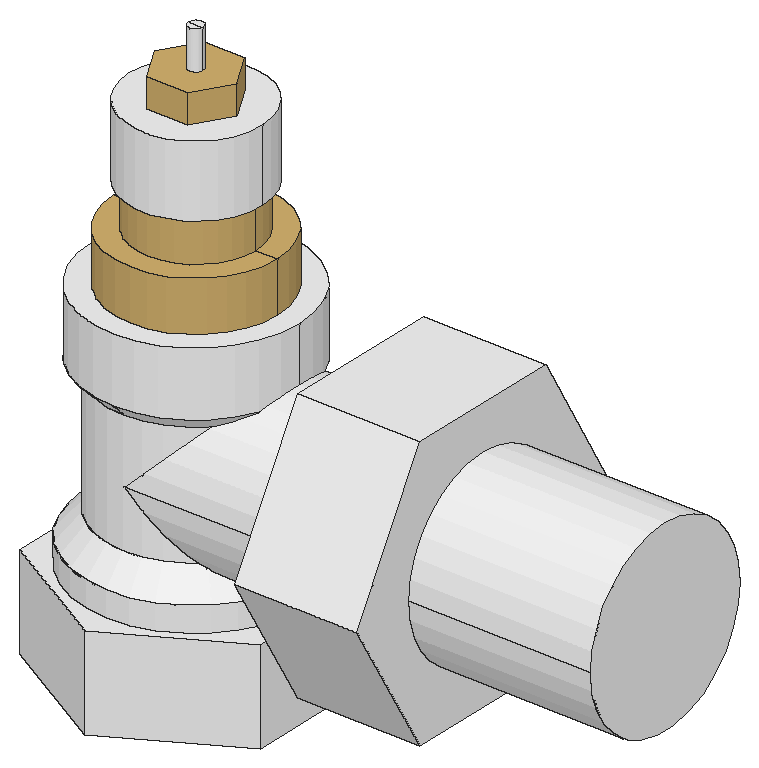
Revit family "RA-N_Angle_DN10-20_S_RFA", category Pipe Accessories, Revit 2019
Family settings
  Round Connector Dimension = Use Diameter
  Part Type = Valve - Breaks Into
  OmniClass Number = 23.65.55.14.17
  OmniClass Title = Adjusting/Controlling Valves for Liquid Services
  Work Plane-Based = No
  Always vertical = Yes
  Cut with Voids When Loaded = No
  Shared = No
Parameters (values of type "RA-N_Angle_DN20_Internal_Tailpiece_S_013G0055")
  Without tailpiece = not(Tailpiece)  # no
  Weight = 0.39 kg
  W [instance] = 38.798 mm
  Tailpiece_200 = if(and(LOD 200, Tailpiece), 1 = 1, 1 = 0)  # no
  Tailpiece_350 = if(and(LOD 350, Tailpiece), 1 = 1, 1 = 0)  # yes
  Tailpiece = if(RV6 > 1 mm, 1 = 1, 1 = 0)  # yes
  R_200_1 = 22 mm
  R_200 = 19.3 mm
  RV6 = 5 mm
  RV2 = 15.5 mm
  RV3 = 16.5 mm
  RV4 = 13 mm
  RB3 = 15.6 mm
  Pressure Drop [instance] = 0.0 bar
  Model Type = "RA-N_Angle_DN20_Internal_Tailpiece_S"
  Model = "013G0055"
  Max Operating Pressure = "10 bar"  # constant formula
  Max Medium Temperature = "120 ˚C"  # constant formula
  Max Differential Pressure = "0.6 bar"  # constant formula
  LOD 350 = not(LOD 200)  # yes
  LOD 200 = no
  L6 = 40 mm
  L5 = L1 + L3  # 23 mm
  L3 = 3 mm
  L1 = 20 mm
  L2 = 28 mm
  L4 = 17 mm
  L = 65.5 mm
  Kvs = 1.4 m³/h
  IfcExportType = "RA-N"  # constant formula
  IfcExportAs = "IfcValveType"  # constant formula
  HH2 = 3.5 mm
  HH1 = 13 mm
  HH3 = 8 mm
  H3 = 9 mm
  H2 = 2 mm
  H1 = 9 mm
  Valve Body Material = Danfoss Nickel Plated Brass
  URL = "https://store.danfoss.com/en/Climate-Solutions-for-heating/Radiator-Thermostats/Radiator-Valves/Build-on-valves/c/6148?q=%3Arelevance%3Adanfoss_producttypehierarchydesc%3Aeedb1faa3d8cce074ea89b9d505f747a0daf316f&page=0&pageSize=20"
  RV1 = 12.5 mm
  Manufacturer = "Danfoss"  # constant formula
  RB2 = 12.5 mm
  HH = 28 mm
  H = 52.3 mm
  Flow [instance] = 0.0 m³/h
  Description = "Thermostatic Radiator Valve"  # constant formula
  DB1 = 29 mm
  L_Thread2 = 19 mm
  L_Thread1 = 16.8 mm
  D = 20 mm
  Connection = "Internal Thread"  # constant formula
Types (6, lengths in mm): name | Without tailpiece | Weight | Tailpiece_350 | Tailpiece | R_200_1 | R_200 | RV6 | RV2 | RV3 | RV4 | RB3 | Model Type | Model | L6 | L5 | L3 | L1 | L2 | L4 | L | Kvs | HH2 | HH1 | HH3 | H3 | H2 | H1 | URL | RV1 | RB2 | HH | H | DB1 | L_Thread2 | L_Thread1 | D
  RA-N_Angle_DN10_Internal_Tailpiece_S_013G0051 | no | 0.21 kg | yes | yes | 14.8 | 13 | 5 | 10.8 | 10.8 | 8.3 | 10.5 | "RA-N_Angle_DN10_Internal_Tailpiece_S" | "013G0051" | 30 | 16.5 | 1.5 | 15 | 23 | 13.5 | 48 | 0.65 m³/h | 1 | 9 | 11 | 5 | 1.5 | 8.5 | "https://store.danfoss.com/en/Climate-Solutions-for-heating/Radiator-Thermostats/Radiator-Valves/Build-on-valves/c/6148?q=%3Arelevance%3Adanfoss_producttypehierarchydesc%3Aeedb1faa3d8cce074ea89b9d505f747a0daf316f&page=0&pageSize=20" | 10 | 10.5 | 20 | 45.6 | 25.4 | 12.8 | 11.3 | 10
  RA-N_Angle_DN15_Internal_Tailpiece_S_013G0053 | no | 0.25 kg | yes | yes | 17.3 | 15.3 | 5 | 12 | 12 | 10.5 | 12.5 | "RA-N_Angle_DN15_Internal_Tailpiece_S" | "013G0053" | 33.3 | 18.5 | 1 | 17.5 | 26 | 15 | 55.5 | 0.9 m³/h | 2.8 | 10 | 6 | 5.5 | 1.5 | 8 | "https://store.danfoss.com/en/Climate-Solutions-for-heating/Radiator-Thermostats/Radiator-Valves/Build-on-valves/c/6148?q=%3Arelevance%3Adanfoss_producttypehierarchydesc%3Aeedb1faa3d8cce074ea89b9d505f747a0daf316f&page=0&pageSize=20" | 11.3 | 11.3 | 24 | 45.6 | 25.5 | 15 | 13.3 | 15
  RA-N_Angle_DN20_Internal_Tailpiece_S_013G0055 | no | 0.39 kg | yes | yes | 22 | 19.3 | 5 | 15.5 | 16.5 | 13 | 15.6 | "RA-N_Angle_DN20_Internal_Tailpiece_S" | "013G0055" | 40 | 23 | 3 | 20 | 28 | 17 | 65.5 | 1.4 m³/h | 3.5 | 13 | 8 | 9 | 2 | 9 | "https://store.danfoss.com/en/Climate-Solutions-for-heating/Radiator-Thermostats/Radiator-Valves/Build-on-valves/c/6148?q=%3Arelevance%3Adanfoss_producttypehierarchydesc%3Aeedb1faa3d8cce074ea89b9d505f747a0daf316f&page=0&pageSize=20" | 12.5 | 12.5 | 28 | 52.3 | 29 | 19 | 16.8 | 20
  RA-N_Angle_DN10_Internal_S_013G0071 | yes | 0.15 kg | no | no | 14.8 | 13 | 0.5 | 11 | 11 | 8.3 | 10.5 | "RA-N_Angle_DN10_Internal_S" | "013G0071" | 23 | 17.4 | 2.4 | 15 | 23 | 13.5 | 48 | 0.65 m³/h | 1 | 9 | 11 | 5 | 1.5 | 8.5 | "https://store.danfoss.com/en/Climate-Solutions-for-heating/Radiator-Thermostats/Radiator-Valves/Build-on-valves/c/6148?q=%3Arelevance%3Adanfoss_producttypehierarchydesc%3Aeedb1faa3d8cce074ea89b9d505f747a0daf316f&page=1&pageSize=20" | 10 | 10.5 | 20 | 45.6 | 25.4 | 12.8 | 11.3 | 10
  RA-N_Angle_DN15_Internal_S_013G0073 | yes | 0.18 kg | no | no | 17.3 | 15.3 | 0.5 | 13 | 13 | 10.5 | 12.5 | "RA-N_Angle_DN15_Internal_S" | "013G0073" | 26 | 19.5 | 2.5 | 17 | 26 | 15 | 55.5 | 0.9 m³/h | 2 | 10 | 6 | 6 | 1.5 | 7.5 | "https://store.danfoss.com/en/Climate-Solutions-for-heating/Radiator-Thermostats/Radiator-Valves/Build-on-valves/c/6148?q=%3Arelevance%3Adanfoss_producttypehierarchydesc%3Aeedb1faa3d8cce074ea89b9d505f747a0daf316f&page=1&pageSize=20" | 11.3 | 11.3 | 24 | 45.6 | 25.5 | 15 | 13.3 | 15
  RA-N_Angle_DN20_Internal_S_013G0075 | yes | 0.26 kg | no | no | 22 | 19.3 | 0.5 | 16.5 | 16.5 | 13 | 15.6 | "RA-N_Angle_DN20_Internal_S" | "013G0075" | 31 | 24 | 4 | 20 | 31 | 17 | 65.5 | 1.4 m³/h | 3.5 | 13 | 8 | 9 | 2 | 9 | "https://store.danfoss.com/en/Climate-Solutions-for-heating/Radiator-Thermostats/Radiator-Valves/Build-on-valves/c/6148?q=%3Arelevance%3Adanfoss_producttypehierarchydesc%3Aeedb1faa3d8cce074ea89b9d505f747a0daf316f&page=1&pageSize=20" | 12.5 | 12.5 | 28 | 52.3 | 29 | 19 | 16.8 | 20
Reference planes
  plane 1 "Center (Front/Back)": y = 0
  plane 2 "XYPLANE": z = 0
  plane 3 "Center (Left/Right)": x = 0
  plane 4 "56": z = 52.3
  plane 5 "55": z = 33
  plane 6 "54": z = 9
  plane 7 "52": z = -28
  plane 8 "51": x = 0
  plane 9 "50": y = 0
  plane 10 "49": z = 0
  plane 11 "48": x = 23
  plane 12: z = 11
  plane 13: z = 20
  plane 14: z = 47
  plane 15: z = -8
  plane 16: z = -11.5
  plane 17: z = -15
  plane 18: x = 65.5
  plane 19: x = 40
  plane 20: x = 23
  plane 21: x = 20
  plane 22: z = 43
Forms (mm)
  Extrusion 1, solid, material "Danfoss Nickel Plated Brass" <- "Valve Body Material", detail levels fine
    sketch origin (-750, 0, 33) x (1, 0, 0) y (0, 1, 0)
      loop
        circle (750, 0) r 9.3
    from 0 to 10
  Extrusion 2, solid, material "Danfoss Nickel Plated Brass" <- "Valve Body Material", detail levels fine
    sketch origin (0, 0, 0) x (1, 0, 0) y (0, 1, 0)
      loop
        circle (0, 0) r 14.5
    from 11 to 20
  Extrusion 3, solid, material "Danfoss Nickel Plated Brass" <- "Valve Body Material", visible <- "LOD 350", detail levels fine
    sketch origin (-750, 0, -28) x (1, 0, 0) y (0, 1, 0)
      loop
        line (750, -19.399) -> (766.8, -9.699) -> (766.8, 9.699) -> (750, 19.399) -> (733.2, 9.699) -> (733.2, -9.699) -> (750, -19.399)
    from 0 to 13
  Extrusion 4, solid, material "Danfoss Nickel Plated Brass" <- "Valve Body Material", visible <- "LOD 350", detail levels fine
    sketch origin (0, 0, 0) x (1, 0, 0) y (0, 1, 0)
      loop
        circle (0, 0) r 12.5
    from 9 to -8
  Extrusion 5, solid, material "Danfoss Nickel Plated Brass" <- "Valve Body Material", visible <- "LOD 350", detail levels fine
    sketch origin (16.7, -750, 0) x (0, 1, 0) y (0, 0, 1)
      loop
        circle (750, 0) r 12.5
    from 3.3 to -16.7
  Extrusion 6, solid, material "Danfoss Nickel Plated Brass" <- "Valve Body Material", visible <- "Tailpiece_350", detail levels fine
    sketch origin (23, -750, 0) x (0, 1, 0) y (0, 0, 1)
      loop
        line (728.061, 0) -> (739.03, -19) -> (760.97, -19) -> (771.939, 0) -> (760.97, 19) -> (739.03, 19) -> (728.061, 0)
    from 17 to 0
  Extrusion 7, solid, material "Danfoss Nickel Plated Brass" <- "Valve Body Material", visible <- "Without tailpiece", detail levels fine
    sketch origin (0, 0, 0) x (0, 1, 0) y (0, 0, 1)
      loop
        circle (0, 0) r 16.5
    from 23 <- "L5" to 28 <- "L2"
  Revolve 8, solid, material "Danfoss Brass", visible <- "LOD 350", detail levels fine
    sketch origin (0, 0, 0) x (1, 0, 0) y (0, 0, 1)
      loop
        line (0, 33) -> (0, 20) -> (11.4, 20) -> (11.4, 27) -> (8.3, 27) -> (8.3, 33) -> (0, 33)
      axis (0, 33) -> (0, 20)
    angle from 0 to 360
  Revolve 9, solid, material "Danfoss Nickel Plated Brass" <- "Valve Body Material", detail levels fine
    sketch origin (0, 0, 0) x (1, 0, 0) y (0, 0, 1)
      loop
        line (0, 52.3) -> (0, 47) -> (1, 47) -> (1, 52.3) -> (0, 52.3)
      axis (0, 52.3) -> (0, 47)
    angle from 0 to 360
  Extrusion 10, solid, material "Danfoss Brass", visible <- "LOD 350", detail levels fine
    sketch origin (-750, 0, 0) x (1, 0, 0) y (0, 1, 0)
      loop
        line (747.113, 5) -> (744.226, 0) -> (747.113, -5) -> (752.887, -5) -> (755.774, 0) -> (752.887, 5) -> (747.113, 5)
    from 43 to 47
  Extrusion 11, solid, material "Danfoss Nickel Plated Brass" <- "Valve Body Material", visible <- "LOD 350", detail levels fine
    sketch origin (0, 0, 0) x (1, 0, 0) y (0, 1, 0)
      loop
        circle (0, 0) r 15.6
    from -15 to -11.5
  Blend 12, solid, material "Danfoss Nickel Plated Brass" <- "Valve Body Material", visible <- "LOD 350", detail levels fine
    base sketch origin (0, 0, 0) x (1, 0, 0) y (0, 1, 0)
      loop
        circle (0, 0) r 15.6
    top sketch origin (0, 0, 0) x (1, 0, 0) y (0, 1, 0)
      loop
        circle (0, 0) r 12.5
    from -11.5 to -8
  Blend 13, solid, material "Danfoss Nickel Plated Brass" <- "Valve Body Material", visible <- "LOD 350", detail levels fine
    base sketch origin (0, 0, 0) x (0, -1, 0) y (1, 0, 0)
      loop
        circle (0, 0) r 14.5
    top sketch origin (0, 0, 0) x (0, -1, 0) y (1, 0, 0)
      loop
        circle (0, 0) r 12.5
    from 11 to 9
  Blend 14, solid, material "Danfoss Nickel Plated Brass" <- "Valve Body Material", visible <- "LOD 350", detail levels fine
    base sketch origin (0, 0, 0) x (0, 1, 0) y (0, 0, 1)
      loop
        circle (0, 0) r 12.5
    top sketch origin (0, 0, 0) x (0, 1, 0) y (0, 0, 1)
      loop
        circle (0, 0) r 15.5
    from 20 to 23
  Extrusion 15, solid, material "Danfoss Nickel Plated Brass" <- "Valve Body Material", visible <- "Tailpiece", detail levels fine
    sketch origin (23, -750, 0) x (0, 1, 0) y (0, 0, 1)
      loop
        circle (750, 0) r 13
    from 17 to 42.5
  Revolve 16, solid, material "Danfoss Nickel Plated Brass" <- "Valve Body Material", visible <- "LOD 200", detail levels fine
    sketch origin (0, 0, 0) x (1, 0, 0) y (0, 0, 1)
      loop
        line (0, -15) -> (12.5, -15) -> (12.5, 11) -> (0, 11) -> (0, -15)
      axis (0, -15) -> (0, 11)
    angle from 0 to 360
  Revolve 17, solid, material "Danfoss Brass", visible <- "LOD 200", detail levels fine
    sketch origin (0, 0, 0) x (1, 0, 0) y (0, 0, 1)
      loop
        line (0, 33) -> (0, 20) -> (11.4, 20) -> (11.4, 33) -> (0, 33)
      axis (0, 33) -> (0, 20)
    angle from 0 to 360
  Extrusion 18, solid, material "Danfoss Nickel Plated Brass" <- "Valve Body Material", visible <- "LOD 200", detail levels fine
    sketch origin (0, 0, 0) x (0, 1, 0) y (0, 0, 1)
      loop
        circle (0, 0) r 12.5
    from 0 to 23
  Extrusion 19, solid, material "Danfoss Nickel Plated Brass" <- "Valve Body Material", visible <- "Tailpiece_200", detail levels fine
    sketch origin (23, -750, 0) x (0, 1, 0) y (0, 0, 1)
      loop
        circle (750, 0) r 22
    from 0 to 17
  Extrusion 20, solid, material "Danfoss Nickel Plated Brass" <- "Valve Body Material", visible <- "LOD 200", detail levels fine
    sketch origin (0, 0, 0) x (1, 0, 0) y (0, 1, 0)
      loop
        circle (0, 0) r 19.3
    from -28 to -15
  Extrusion 21, solid, material "Danfoss Brass", visible <- "LOD 200", detail levels fine
    sketch origin (0, 0, 0) x (1, 0, 0) y (0, 1, 0)
      loop
        circle (0, 0) r 5.774
    from 43 to 47
Lines and regions (mm)
  reference lines, not visible
    curve 1: circle (2, 2, 0) r 1 normal (0, 0, 1)
  reference lines
    curve 2: line (0, 0, -28) -> (4.33, 2.5, -28)
    curve 3: line (0, 0, -28) -> (0, 5, -28)
    curve 4: line (0, 0, -28) -> (-4.33, 2.5, -28)
    curve 5: line (23, 0, 0) -> (23, 2.625, -4.547)
    curve 6: line (23, 0, 0) -> (23, 5.25, 0)
    curve 7: line (23, 0, 0) -> (23, 2.625, 4.547)
Dimensions and locks
  plane 1 "Center (Front/Back)" to curve 1 = 2 mm
  "H1": plane 2 "XYPLANE" to plane 6 "54"
  "HH": plane 2 "XYPLANE" to plane 7 "52"
  locked: plane 3 "Center (Left/Right)" to plane 8 "51"
  locked: plane 1 "Center (Front/Back)" to plane 9 "50"
  locked: plane 2 "XYPLANE" to plane 10 "49"
  "L_Thread1": curve 2 to Extrusion 3 sketch curve  (x2)
  "L_Thread1": curve 3 to Extrusion 3 sketch curve  (x2)
  "L_Thread1": curve 4 to Extrusion 3 sketch curve  (x2)
  "L_Thread2": curve 5 to Extrusion 6 sketch curve  (x2)
  "L_Thread2": curve 6 to Extrusion 6 sketch curve  (x2)
  "L_Thread2": curve 7 to Extrusion 6 sketch curve  (x2)
  "H2": plane 12 to plane 6 "54"
  "H3": plane 13 to plane 12
  "H": plane 4 "56" to level
  Revolve 8 sketch curve to Revolve 8 sketch curve = 11.4 mm
  Revolve 8 sketch curve to Revolve 8 sketch curve = 8.3 mm
  equal spacing: plane 5 "55", Revolve 8 sketch curve, plane 13
  equal spacing: Extrusion 10 sketch curve, plane 3 "Center (Left/Right)", Extrusion 10 sketch curve  (x2)
  Extrusion 10 sketch curve to Extrusion 10 sketch curve = 10 mm  (x3)
  equal spacing: Extrusion 10 sketch curve, plane 1 "Center (Front/Back)", Extrusion 10 sketch curve
  "HH3": level to plane 15
  "HH2": plane 15 to plane 16
  "HH1": plane 17 to plane 7 "52"
  "L": plane 18 to plane 3 "Center (Left/Right)"
  "L4": plane 11 "48" to plane 19
  "L1": plane 3 "Center (Left/Right)" to plane 21
  locked: plane 22 to plane 5 "55" at 10
  locked: plane 5 "55" to plane 13 at 13
  "RB2": Revolve 16 sketch curve to Revolve 16 sketch curve
  locked: plane 14 to plane 22 at 4
  "L3": plane 21 to plane 20
  "L6": plane 19 to plane 3 "Center (Left/Right)"
  plane 4 "56" to plane 7 "52" = 80.3 mm
  "W": Extrusion 3 to Extrusion 3
  "DB1": diameter of Extrusion 2 sketch curve
  "RB2": radius of Extrusion 4 sketch curve
  "RV1": radius of Extrusion 5 sketch curve
  "RB3": radius of Extrusion 11 sketch curve
  "RB3": radius of Blend 12 sketch curve
  "RB2": radius of Blend 12 sketch curve
  "RB2": radius of Blend 13 sketch curve
  radius of Extrusion 1 sketch curve = 9.3 mm
  "RV3": radius of Extrusion 7 sketch curve
  "RV1": radius of Blend 14 sketch curve
  "RV2": radius of Blend 14 sketch curve
  "RV4": radius of Extrusion 15 sketch curve
  "DB1": diameter of Blend 13 sketch curve
  "RV1": radius of Extrusion 18 sketch curve
  "R_200_1": radius of Extrusion 19 sketch curve
  "R_200": radius of Extrusion 20 sketch curve
  radius of Extrusion 21 sketch curve = 5.774 mm
  locked: curve 3 to curve 2 (angle 60.00°)
  locked: curve 4 to curve 3 (angle 60.00°)
  locked: curve 4 to curve 2 (angle 120.00°)
  locked: curve 6 to curve 5 (angle 60.00°)
  locked: curve 7 to curve 6 (angle 60.00°)
  locked: curve 7 to curve 5 (angle 120.00°)
  aligned and locked: level to plane 2 "XYPLANE"
  aligned and locked: plane 8 "51" to Extrusion 1 sketch curve
  aligned and locked: plane 9 "50" to Extrusion 1 sketch curve
  aligned and locked: plane 8 "51" to Extrusion 2 sketch curve
  aligned and locked: plane 9 "50" to Extrusion 2 sketch curve
  aligned and locked: plane 8 "51" to curve 4
  aligned and locked: plane 9 "50" to curve 4
  aligned and locked: plane 8 "51" to Extrusion 4 sketch curve
  aligned and locked: plane 9 "50" to Extrusion 4 sketch curve
  aligned and locked: Extrusion 5 sketch curve to plane 9 "50"
  aligned and locked: plane 10 "49" to Extrusion 5 sketch curve
  aligned and locked: curve 7 to plane 9 "50"
  aligned and locked: plane 10 "49" to curve 7
  aligned and locked: plane 10 "49" to Extrusion 7 sketch curve
  aligned and locked: Extrusion 2 to plane 12
  aligned and locked: plane 13 to Extrusion 2
  aligned and locked: Revolve 8 sketch curve to plane 8 "51"  (x2)
  aligned and locked: Revolve 8 sketch curve to plane 13
  aligned and locked: Revolve 8 sketch curve to plane 5 "55"
  aligned and locked: Extrusion 2 to Revolve 8 sketch curve
  aligned and locked: Revolve 9 sketch curve to plane 8 "51"
  aligned and locked: Revolve 9 sketch curve to plane 4 "56"
  aligned and locked: Revolve 9 sketch curve to plane 14
  aligned and locked: Revolve 9 sketch curve to plane 3 "Center (Left/Right)"
  aligned and locked: plane 14 to Extrusion 10
  aligned and locked: plane 6 "54" to Extrusion 4
  aligned and locked: plane 17 to Extrusion 3
  aligned and locked: Extrusion 4 to plane 15
  aligned and locked: plane 3 "Center (Left/Right)" to Extrusion 11 sketch curve
  aligned and locked: plane 1 "Center (Front/Back)" to Extrusion 11 sketch curve
  aligned and locked: Extrusion 11 to plane 17
  aligned and locked: plane 16 to Extrusion 11
  aligned and locked: plane 3 "Center (Left/Right)" to Blend 12 sketch curve  (x2)
  aligned and locked: plane 1 "Center (Front/Back)" to Blend 12 sketch curve  (x2)
  aligned and locked: Blend 12 to plane 16
  aligned and locked: plane 15 to Blend 12
  aligned and locked: plane 12 to Blend 13
  aligned and locked: Blend 13 to plane 6 "54"
  aligned and locked: Extrusion 5 to plane 21
  aligned and locked: plane 1 "Center (Front/Back)" to Extrusion 7 sketch curve
  aligned and locked: level to Extrusion 7 sketch curve
  aligned and locked: Extrusion 6 to plane 11 "48"
  aligned and locked: plane 19 to Extrusion 6
  aligned and locked: Extrusion 5 to plane 3 "Center (Left/Right)"
  aligned and locked: plane 1 "Center (Front/Back)" to Blend 14 sketch curve  (x2)
  aligned and locked: level to Blend 14 sketch curve  (x2)
  aligned and locked: Blend 14 to plane 21
  aligned and locked: Blend 14 to plane 20
  aligned and locked: plane 1 "Center (Front/Back)" to Extrusion 15 sketch curve
  aligned and locked: level to Extrusion 15 sketch curve
  aligned and locked: Extrusion 15 to plane 19
  aligned and locked: plane 18 to Extrusion 15
  aligned and locked: Extrusion 10 to plane 22
  aligned and locked: plane 8 "51" to Blend 13 sketch curve
  aligned and locked: plane 9 "50" to Blend 13 sketch curve
  aligned and locked: Revolve 16 sketch curve to plane 3 "Center (Left/Right)"
  aligned and locked: Revolve 16 sketch curve to Revolve 16 sketch curve
  aligned and locked: Revolve 17 sketch curve to Revolve 17 sketch curve
  aligned and locked: Revolve 17 sketch curve to plane 13
  aligned and locked: Revolve 16 sketch curve to plane 12
  aligned and locked: level to Extrusion 18 sketch curve
  aligned and locked: plane 1 "Center (Front/Back)" to Extrusion 18 sketch curve
  aligned and locked: plane 20 to Extrusion 18
  aligned and locked: nested 1 to plane 9 "50"
  aligned and locked: plane 3 "Center (Left/Right)" to nested 1
  aligned and locked: plane 1 "Center (Front/Back)" to Extrusion 19 sketch curve
  aligned and locked: level to Extrusion 19 sketch curve
  aligned and locked: Extrusion 19 to plane 20
  aligned and locked: plane 19 to Extrusion 19
  aligned and locked: plane 8 "51" to Extrusion 20 sketch curve
  aligned and locked: plane 9 "50" to Extrusion 20 sketch curve
  aligned and locked: Extrusion 20 to plane 7 "52"
  aligned and locked: Revolve 17 sketch curve to plane 5 "55"
  aligned and locked: Extrusion 21 to plane 22
  aligned and locked: plane 14 to Extrusion 21
  aligned and locked: plane 17 to Extrusion 20
  aligned and locked: Revolve 16 sketch curve to plane 17
Automatic sketch dimensions
  plane 3 "Center (Left/Right)" to curve 1 = 2 mm
  Revolve 8 sketch curve to plane 5 "55" = 6 mm
  Revolve 8 sketch curve to Revolve 8 sketch curve = 2.268 mm
  plane 3 "Center (Left/Right)" to Revolve 9 sketch curve = 1 mm
  Revolve 9 sketch curve to plane 14 = 1.62 mm
  plane 4 "56" to Revolve 9 sketch curve = 3.114 mm
  plane 1 "Center (Front/Back)" to Extrusion 10 sketch curve = 0 mm
  Extrusion 10 sketch curve to plane 3 "Center (Left/Right)" = 5.774 mm
  Revolve 17 sketch curve to plane 14 = 0 mm
  level to Revolve 17 sketch curve = 2.863 mm
  Revolve 17 sketch curve to plane 3 "Center (Left/Right)" = 0 mm
  plane 3 "Center (Left/Right)" to Revolve 17 sketch curve = 11.4 mm
  plane 1 "Center (Front/Back)" to Extrusion 21 sketch curve = 0 mm
  Extrusion 21 sketch curve to plane 3 "Center (Left/Right)" = 0 mm
  plane 1 "Center (Front/Back)" to Blend 13 sketch curve = 0 mm
  Blend 13 sketch curve to plane 3 "Center (Left/Right)" = 0 mm
  Revolve 16 sketch curve to plane 7 "52" = 0 mm
  Revolve 16 sketch curve to plane 13 = 0 mm
  radius of curve 1 = 1 mm
Nested families
  nested 1: "Schematic_Radiator Valve_Angle" at (0, 0, 0), type "Schematic_Radiator Valve_Angle", detail levels coarse+medium
Connectors
  piping at (0, 0, -28), diameter 20, driven by "Flow", driven by "D"
    settings: on Extrusion 3, index 3, connector inside diameter 609.6 mm, connector length 0 mm, flow factor 0, pipe flow 0.0 m³/h, pressure drop 0.0 bar, fitting loss kfactor 0, connector angle 0.00°, fixture units 0, engagement length 0 mm, angle of deflection 0.00°, flow configuration 0, flow direction 0, fitting loss method 0, system type 29, joint type 0, gender type 0, connector reference index 4, connector utility 0, adjustable connector no, is connector primary yes, connector description ""
  piping at (40, 0, 0), diameter 20, driven by "Flow", driven by "D"
    settings: on Extrusion 6, index 4, connector inside diameter 609.6 mm, connector length 0 mm, flow factor 0, pipe flow 0.0 m³/h, pressure drop 0.0 bar, fitting loss kfactor 0, connector angle 0.00°, fixture units 0, engagement length 0 mm, angle of deflection 0.00°, flow configuration 0, flow direction 0, fitting loss method 0, system type 29, joint type 0, gender type 0, connector reference index 3, connector utility 0, adjustable connector no, is connector primary no, connector description ""
Definition of nested family "Schematic_Radiator Valve_Angle"
  Parameters (values of type "Schematic_Radiator Valve_Angle")
    L2 = 30.5 mm
    H2 = H / 2  # 21.8 mm
    H1 = 34 mm
    H = 43.6 mm
    D = 28 mm
  Reference planes
    plane 1 "Center (Front/Back)": y = 0
    plane 2: z = 0
    plane 3 "Center (Left/Right)": x = 0
    plane 4: x = 30.5
    plane 5: y = -34
    plane 6: y = 9.6
    plane 7: y = 14
    plane 8: y = -14
    plane 9: x = 14
    plane 10: x = -14
    plane 11: y = -12.2
    plane 12: z = -34
    plane 13: z = 14
    plane 14: z = -14
    plane 15: z = 43.6
    plane 16: z = 21.8
    plane 17: x = -10.9
    plane 18: x = 10.9
  Lines and regions (mm)
    model lines
      curve 1: line (0, 0, 0) -> (-14, 0, -34)
      curve 2: line (-14, 0, -34) -> (14, 0, -34)
      curve 3: line (14, 0, -34) -> (0, 0, 0)
      curve 4: line (30.5, 0, 14) -> (30.5, 0, -14)
      curve 5: line (30.5, 0, -14) -> (0, 0, 0)
      curve 6: line (0, 0, 0) -> (0, 0, 21.8)
      curve 7: line (-10.9, 0, 43.6) -> (-10.9, 0, 21.8)
      curve 8: line (-10.9, 0, 21.8) -> (10.9, 0, 21.8)
      curve 9: line (10.9, 0, 21.8) -> (10.9, 0, 43.6)
      curve 10: line (10.9, 0, 43.6) -> (-10.9, 0, 43.6)
      curve 14: line (0, 0, 0) -> (30.5, 0, 14)
    symbolic lines
      curve 11: line (30.5, -14, 0) -> (0, 0, 0)
      curve 12: line (0, 0, 0) -> (30.5, 14, 0)
      curve 13: line (30.5, 14, 0) -> (30.5, -14, 0)
  Dimensions and locks
    "H": plane 5 to plane 6
    "H1": plane 5 to plane 1 "Center (Front/Back)"
    equal spacing: plane 10, plane 3 "Center (Left/Right)", plane 9
    equal spacing: plane 8, plane 1 "Center (Front/Back)", plane 7
    "H2": plane 11 to plane 6
    equal spacing: plane 13, level, plane 14
    "H2": plane 15 to plane 16
    "H1": level to plane 12
    "D": plane 13 to plane 14
    "D": plane 9 to plane 10
    equal spacing: plane 9, plane 3 "Center (Left/Right)", plane 10
    "H": plane 15 to level
    "D": plane 8 to plane 7
    "L2": plane 4 to plane 3 "Center (Left/Right)"
    plane 4 to plane 18 to plane 3 "Center (Left/Right)" = 19.6 mm, 10.9 mm
    "H2": plane 18 to plane 17
    equal spacing: plane 18, plane 3 "Center (Left/Right)", plane 17
    aligned and locked: level to plane 2
    aligned and locked: plane 13 to curve 4
  Automatic sketch dimensions
    curve 12 to plane 3 "Center (Left/Right)" = 0 mm
    plane 1 "Center (Front/Back)" to curve 12 = 0 mm
    curve 13 to plane 4 = 0 mm
    plane 8 to curve 13 = 0 mm
    plane 7 to curve 13 = 0 mm
    curve 10 to plane 15 = 0 mm
    curve 10 to plane 17 = 0 mm
    curve 2 to plane 10 = 0 mm
    curve 3 to plane 3 "Center (Left/Right)" = 0 mm
    curve 14 to level = 0 mm
    curve 3 to plane 9 = 0 mm
    curve 10 to plane 18 = 0 mm
    curve 4 to plane 4 = 0 mm
    curve 1 to plane 12 = 0 mm
    curve 5 to plane 14 = 0 mm
    curve 7 to plane 16 = 0 mm
